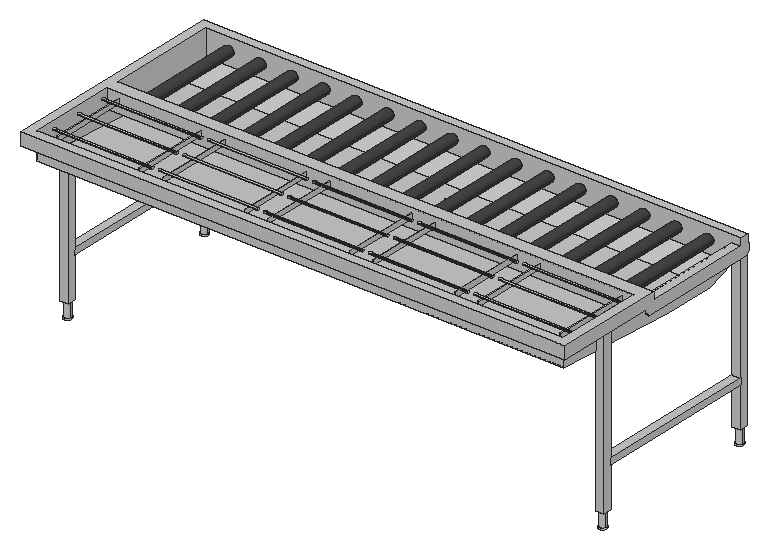
Revit family "QF_ELECTROLUXPROFESSIONAL_865206_HSMSS5LR", category Specialty Equipment, Revit 2018
Family settings
  Round Connector Dimension = Use Diameter
  Part Type = Normal
  Work Plane-Based = No
  Always vertical = Yes
  Cut with Voids When Loaded = No
  Shared = No
  Room Calculation Point = No
Parameters
  Weight = 0.00 kg
  Watts = 0 W
  Volts = 0 V
  URL Manufacturer = ""
  Steam Supply Size = 0 mm
  Steam Supply Minimum Pressure = 0.0 Pa
  Steam Supply Maximum Pressure = 0.0 Pa
  Steam Pounds per Hour = 0
  Refrigeration Suction Line Size = 0 mm
  Refrigeration Liquid Line Size = 0 mm
  Refrigerant Compressor Remote = yes
  Phase = 0
  Length Actual = 0 mm
  Item Number = ""
  Hot Water Size = 0 mm
  Height Actual = 0 mm
  HP = ""
  Gas Size = 0 mm
  Gas KW = 0
  Gas Input Pressure = 0 W
  Depth Actual = 0 mm
  Cycle = 0 Hz
  Condensate Return Size = 0 mm
  Compressed Air Volume = 0.0 L/s
  Compressed Air Size = 0 mm
  Compressed Air Pressure = 0.0 Pa
  Cold Water Size = 0 mm
  Accessory = yes
Reference planes
  plane 1: z = 0
  plane 2 "RIGHT": x = 1320
  plane 3: z = 910
  plane 4: z = 0
  plane 5: z = 300
  plane 6 "BACK": y = 310
  plane 7 "FRONT": y = -800
  plane 8 "LEFT": x = -1320
  plane 9 "Center": y = 0
Forms (mm)
  Extrusion 1, solid, material "QF_Finishes_Stainless Steel"
    sketch origin (0, 0, 0) x (-1, 0, 0) y (0, -1, 0)
      loop
        line (1320, 800) -> (-1320, 800) -> (-1320, 265) -> (-1275, 265) -> (-1275, 755) -> (1275, 755) -> (1275, -265) -> (-1320, -265) -> (-1320, -310) -> (1320, -310) -> (1320, 800)
    from 850.091 to 910
  Extrusion 2, solid, material "QF_Finishes_Stainless Steel"
    sketch origin (0, 0, 0) x (0, 1, 0) y (0, 0, -1)
      loop
        line (-756.248, -850.091) -> (-755, -850.091) -> (-755, -784.848) -> (-131.111, -741.138) -> (130.374, -741.138) -> (265, -784.879) -> (265, -850.091) -> (266.249, -850.091) -> (266.249, -782.13) -> (130.849, -738.138) -> (-131.216, -738.138) -> (-756.248, -781.928) -> (-756.248, -850.091)
    from -1275 to 1275
  Revolve 3, solid, material "QF_Finishes_Stainless Steel"
    sketch origin (-0.025, 0.526, -123.199) x (-1, 0, 0) y (0, 0, -1)
      loop
        line (76.494, -861.337) -> (76.494, -847.59)
        arc (76.494, -847.59) -> (75.89, -845.987) -> (74.39, -845.16) r 2.474
        arc (74.39, -845.16) -> (71.083, -841.301) -> (74.377, -837.43) r 3.913
        arc (74.377, -837.43) -> (75.887, -836.598) -> (76.494, -834.985) r 2.49
        line (76.494, -834.985) -> (76.494, -794.661)
        arc (76.494, -794.661) -> (65.844, -763.962) -> (38.457, -746.476) r 49.516
        line (38.457, -746.476) -> (38.457, -743.987) -> (37.25, -742.336) -> (37.25, -740.749) -> (23.47, -734.749) -> (23.47, -698.838) -> (21.946, -697.377) -> (0, -697.377) -> (0, -861.337) -> (76.494, -861.337)
      axis (0, -861.337) -> (0, -697.377)
    angle from 0 to 360
  Extrusion 4, solid, material "QF_Finishes_Stainless Steel"
    sketch origin (0, 0, 0) x (-1, 0, 0) y (0, -1, 0)
      loop
        line (-1275, 330.124) -> (-1275, 265) -> (1275, 265) -> (1275, 330.124) -> (-1275, 330.124)
    from 820 to 910
  Extrusion 5, solid, material "QF_Finishes_Stainless Steel"
    sketch origin (6.015, 0, -602.691) x (-1, 0, 0) y (0, -1, 0)
      loop
        line (1283.015, -266.249) -> (1323.015, -266.249) -> (1323.015, 521.738) -> (1283.015, 521.738) -> (1283.015, -266.249)
    from 872.691 to 902.691
  Extrusion 6, solid, material "QF_Finishes_Stainless Steel"
    sketch origin (-1277, 0, 0) x (0, 1, 0) y (0, 0, -1)
      loop
        line (-756.248, -781.928) -> (-756.248, -850.091) -> (266.249, -850.091) -> (266.249, -782.13) -> (130.849, -738.138) -> (-131.216, -738.138) -> (-756.248, -781.928)
    from 0 to -2
  Extrusion 7, solid, material "QF_Finishes_Stainless Steel"
    sketch origin (1277, 0, 0) x (0, 1, 0) y (0, 0, 1)
      loop
        line (-756.248, 850.091) -> (-756.248, 781.928) -> (-131.216, 738.138) -> (130.849, 738.138) -> (266.249, 782.13) -> (266.249, 850.091) -> (265, 850.091) -> (265, 875) -> (-265, 875) -> (-265, 850.091) -> (-756.248, 850.091)
    from 0 to -2
  Extrusion 8, solid, material "QF_Finishes_Stainless Steel"
    sketch origin (-6, 0.054, -598.981) x (1, 0, 0) y (0, 1, 0)
      loop
        line (1283, 266.195) -> (1283, -521.792) -> (1323, -521.792) -> (1323, 266.195) -> (1283, 266.195)
    from 869.081 to 898.981
  Extrusion 9, solid, material "QF_Finishes_Black"
    sketch origin (0, -2.5, 0) x (-1, 0, 0) y (0, 0, 1)
      loop
        circle (1162.5, 850.047) r 25
      loop
        circle (1007.5, 850.047) r 25
      loop
        circle (852.5, 850.047) r 25
      loop
        circle (697.5, 850.047) r 25
      loop
        circle (542.5, 850.047) r 25
      loop
        circle (387.5, 850.047) r 25
      loop
        circle (232.5, 850.047) r 25
      loop
        circle (77.5, 850.047) r 25
      loop
        circle (-77.5, 850.047) r 25
      loop
        circle (-232.5, 850.047) r 25
      loop
        circle (-387.5, 850.047) r 25
      loop
        circle (-542.5, 850.047) r 25
      loop
        circle (-697.5, 850.047) r 25
      loop
        circle (-852.5, 850.047) r 25
      loop
        circle (-1007.5, 850.047) r 25
      loop
        circle (-1162.5, 850.047) r 25
    from -262.5 to 267.5
  Extrusion 10, solid, material "QF_Finishes_Stainless Steel"
    sketch origin (0, -7.263, 2.863) x (-1, 0, 0) y (0, -1, 0)
      loop
        line (-1220.049, 694.438) -> (-1220.049, 322.861) -> (-1217.001, 322.861) -> (-1217.001, 694.438) -> (-1220.049, 694.438)
      loop
        line (-823.039, 694.438) -> (-823.039, 322.861) -> (-819.991, 322.861) -> (-819.991, 694.438) -> (-823.039, 694.438)
      loop
        line (-200.029, 694.438) -> (-200.029, 322.861) -> (-196.981, 322.861) -> (-196.981, 694.438) -> (-200.029, 694.438)
      loop
        line (196.981, 694.438) -> (196.981, 322.861) -> (200.029, 322.861) -> (200.029, 694.438) -> (196.981, 694.438)
      loop
        line (-710.007, 694.438) -> (-710.007, 322.861) -> (-707.023, 322.861) -> (-707.023, 694.438) -> (-710.007, 694.438)
      loop
        line (-312.998, 694.438) -> (-312.998, 322.861) -> (-310.013, 322.861) -> (-310.013, 694.438) -> (-312.998, 694.438)
      loop
        line (1220.049, 694.438) -> (1217.001, 694.438) -> (1217.001, 322.861) -> (1220.049, 322.861) -> (1220.049, 694.438)
      loop
        line (823.039, 694.438) -> (819.991, 694.438) -> (819.991, 322.861) -> (823.039, 322.861) -> (823.039, 694.438)
      loop
        line (710.007, 694.438) -> (707.023, 694.438) -> (707.023, 322.861) -> (710.007, 322.861) -> (710.007, 694.438)
      loop
        line (312.997, 694.438) -> (310.013, 694.438) -> (310.013, 322.861) -> (312.997, 322.861) -> (312.997, 694.438)
    from 860 to 881.896
  Extrusion 11, solid, material "QF_Finishes_Stainless Steel"
    sketch origin (-2327.512, 265, 0) x (0, 1, 0) y (0, 0, 1)
      loop
        circle (-937.158, 888.745) r 3.985
      loop
        circle (-788.819, 888.745) r 3.985
      loop
        circle (-640.48, 888.745) r 3.985
    from 1067.5 to 1547.5
  Extrusion 12, solid, material "QF_Finishes_Stainless Steel"
    sketch origin (-1817.533, 265, 0) x (0, 1, 0) y (0, 0, 1)
      loop
        circle (-937.158, 888.745) r 3.985
      loop
        circle (-788.819, 888.745) r 3.985
      loop
        circle (-640.48, 888.745) r 3.985
    from 1067.5 to 1547.5
  Extrusion 13, solid, material "QF_Finishes_Stainless Steel"
    sketch origin (-1307.491, 265, 0) x (0, 1, 0) y (0, 0, 1)
      loop
        circle (-937.158, 888.745) r 3.985
      loop
        circle (-788.819, 888.745) r 3.985
      loop
        circle (-640.48, 888.745) r 3.985
    from 1067.5 to 1547.5
  Extrusion 14, solid, material "QF_Finishes_Stainless Steel"
    sketch origin (-797.513, 265, 0) x (0, 1, 0) y (0, 0, 1)
      loop
        circle (-937.158, 888.745) r 3.985
      loop
        circle (-788.819, 888.745) r 3.985
      loop
        circle (-640.48, 888.745) r 3.985
    from 1067.5 to 1547.5
  Extrusion 15, solid, material "QF_Finishes_Stainless Steel"
    sketch origin (-287.471, 265, 0) x (0, 1, 0) y (0, 0, 1)
      loop
        circle (-937.158, 888.745) r 3.985
      loop
        circle (-788.819, 888.745) r 3.985
      loop
        circle (-640.48, 888.745) r 3.985
    from 1067.5 to 1547.5
  Extrusion 16, solid, material "QF_Finishes_Stainless Steel"
    sketch origin (1767.022, 52.5, 0) x (0, 1, 0) y (0, 0, 1)
      loop
        line (-362.5, 835) -> (-347.5, 820) -> (242.5, 820) -> (257.5, 835) -> (257.5, 850.091) -> (212.5, 850.091) -> (212.5, 875) -> (-317.5, 875) -> (-317.5, 850.091) -> (-362.5, 850.091) -> (-362.5, 835)
    from -450 to -447.022
  Extrusion 17, solid, material "QF_Finishes_Stainless Steel"
    sketch origin (-1280, 265, 0) x (1, 0, 0) y (0, 0, 1)
      loop
        line (2597.022, 875) -> (2557, 875) -> (2557, 872) -> (2597.022, 872) -> (2597.022, 875)
    from 0 to 530
Cuts and joins
  joined: Extrusion 1, Extrusion 2, Revolve 3, Extrusion 4, Extrusion 6, Extrusion 7, Extrusion 10, Extrusion 11, Extrusion 12, Extrusion 13, Extrusion 14, Extrusion 15, Extrusion 16, Extrusion 17
Lines and regions (mm)
  Split face 1
    outline origin (0, -123.728, 741.138) x (0, 1, 0) y (-1, 0, 0)
      loop
        circle (123.685, -0.035) r 73.783
  Split face 2
    outline origin (0, -123.728, 741.138) x (0, 1, 0) y (-1, 0, 0)
      loop
        circle (123.685, -0.035) r 66.01
  Split face 3
    outline origin (0, -123.728, 741.138) x (0, 1, 0) y (-1, 0, 0)
      loop
        circle (123.685, -0.035) r 53.774
  Split face 4
    outline origin (0, -123.728, 741.138) x (0, 1, 0) y (-1, 0, 0)
      loop
        circle (123.685, -0.035) r 50.771
  Split face 5
    outline origin (0, -123.728, 741.138) x (0, 1, 0) y (-1, 0, 0)
      loop
        circle (123.685, -0.035) r 33.793
  Split face 6
    outline origin (0, -123.728, 741.138) x (0, 1, 0) y (-1, 0, 0)
      loop
        circle (123.685, -0.035) r 30.826
  Split face 7
    outline origin (0, -123.728, 741.138) x (0, 1, 0) y (-1, 0, 0)
      loop
        circle (123.685, -0.035) r 13.843
  Split face 8
    outline origin (0, -123.728, 741.138) x (0, 1, 0) y (-1, 0, 0)
      loop
        circle (123.685, -0.035) r 10.833
  symbolic lines
    curve 1: line (-1320, 310, 0) -> (1320, 310, 0)
    curve 2: line (-1320, -800, 0) -> (-1320, 310, 0)
    curve 3: line (1320, -800, 0) -> (-1320, -800, 0)
    curve 4: line (1320, 310, 0) -> (1320, -800, 0)
    curve 5: line (-1275, 265, 0) -> (1320, 265, 0)
    curve 6: line (-1275, -755, 0) -> (-1275, 265, 0)
    curve 7: line (1275, -755, 0) -> (-1275, -755, 0)
    curve 8: line (1275, -265, 0) -> (1275, -755, 0)
    curve 9: line (-1275, -265, 0) -> (1320, -265, 0)
    curve 10: line (1275, -330.124, 0) -> (-1275, -330.124, 0)
    curve 11: line (-1260.012, -371.495, 0) -> (-1260.012, -379.465, 0)
    curve 12: line (-1260.012, -379.465, 0) -> (-780.012, -379.465, 0)
    curve 13: line (-780.012, -379.465, 0) -> (-780.012, -371.495, 0)
    curve 14: line (-780.012, -371.495, 0) -> (-1260.012, -371.495, 0)
    curve 15: line (-1260.012, -519.834, 0) -> (-1260.012, -527.804, 0)
    curve 16: line (-1260.012, -527.804, 0) -> (-780.012, -527.804, 0)
    curve 17: line (-780.012, -527.804, 0) -> (-780.012, -519.834, 0)
    curve 18: line (-780.012, -519.834, 0) -> (-1260.012, -519.834, 0)
    curve 19: line (-1260.012, -668.173, 0) -> (-1260.012, -676.143, 0)
    curve 20: line (-1260.012, -676.143, 0) -> (-780.012, -676.143, 0)
    curve 21: line (-780.012, -676.143, 0) -> (-780.012, -668.173, 0)
    curve 22: line (-780.012, -668.173, 0) -> (-1260.012, -668.173, 0)
    curve 23: line (-1220.049, -330.124, 0) -> (-1220.049, -371.495, 0)
    curve 24: line (-1217.001, -330.124, 0) -> (-1217.001, -371.495, 0)
    curve 25: line (-1220.049, -379.465, 0) -> (-1220.049, -519.834, 0)
    curve 26: line (-1220.049, -701.7, 0) -> (-1220.049, -676.143, 0)
    curve 27: line (-1220.049, -701.7, 0) -> (-1217.001, -701.7, 0)
    curve 28: line (-1217.001, -701.7, 0) -> (-1217.001, -676.143, 0)
    curve 29: line (-1220.049, -668.173, 0) -> (-1220.049, -527.804, 0)
    curve 30: line (-1217.001, -527.804, 0) -> (-1217.001, -668.173, 0)
    curve 31: line (-1217.001, -519.834, 0) -> (-1217.001, -379.465, 0)
    curve 32: line (-823.039, -330.124, 0) -> (-823.039, -371.495, 0)
    curve 33: line (-819.992, -330.124, 0) -> (-819.992, -371.495, 0)
    curve 34: line (-823.039, -379.465, 0) -> (-823.039, -519.834, 0)
    curve 35: line (-823.039, -701.7, 0) -> (-823.039, -676.143, 0)
    curve 36: line (-823.039, -701.7, 0) -> (-819.992, -701.7, 0)
    curve 37: line (-819.992, -701.7, 0) -> (-819.992, -676.143, 0)
    curve 38: line (-823.039, -668.173, 0) -> (-823.039, -527.804, 0)
    curve 39: line (-819.992, -527.804, 0) -> (-819.992, -668.173, 0)
    curve 40: line (-819.992, -519.834, 0) -> (-819.992, -379.465, 0)
    curve 41: line (-750.033, -371.495, 0) -> (-750.033, -379.465, 0)
    curve 42: line (-750.033, -379.465, 0) -> (-270.033, -379.465, 0)
    curve 43: line (-270.033, -379.465, 0) -> (-270.033, -371.495, 0)
    curve 44: line (-270.033, -371.495, 0) -> (-750.033, -371.495, 0)
    curve 45: line (-750.033, -519.834, 0) -> (-750.033, -527.804, 0)
    curve 46: line (-750.033, -527.804, 0) -> (-270.033, -527.804, 0)
    curve 47: line (-270.033, -527.804, 0) -> (-270.033, -519.834, 0)
    curve 48: line (-270.033, -519.834, 0) -> (-750.033, -519.834, 0)
    curve 49: line (-750.033, -668.173, 0) -> (-750.033, -676.143, 0)
    curve 50: line (-750.033, -676.143, 0) -> (-270.033, -676.143, 0)
    curve 51: line (-270.033, -676.143, 0) -> (-270.033, -668.173, 0)
    curve 52: line (-270.033, -668.173, 0) -> (-750.033, -668.173, 0)
    curve 53: line (-710.071, -330.124, 0) -> (-710.071, -371.495, 0)
    curve 54: line (-707.023, -330.124, 0) -> (-707.023, -371.495, 0)
    curve 55: line (-710.071, -379.465, 0) -> (-710.071, -519.834, 0)
    curve 56: line (-710.071, -701.7, 0) -> (-710.071, -676.143, 0)
    curve 57: line (-710.071, -701.7, 0) -> (-707.023, -701.7, 0)
    curve 58: line (-707.023, -701.7, 0) -> (-707.023, -676.143, 0)
    curve 59: line (-710.071, -668.173, 0) -> (-710.071, -527.804, 0)
    curve 60: line (-707.023, -527.804, 0) -> (-707.023, -668.173, 0)
    curve 61: line (-707.023, -519.834, 0) -> (-707.023, -379.465, 0)
    curve 62: line (-313.061, -330.124, 0) -> (-313.061, -371.495, 0)
    curve 63: line (-310.013, -330.124, 0) -> (-310.013, -371.495, 0)
    curve 64: line (-313.061, -379.465, 0) -> (-313.061, -519.834, 0)
    curve 65: line (-313.061, -701.7, 0) -> (-313.061, -676.143, 0)
    curve 66: line (-313.061, -701.7, 0) -> (-310.013, -701.7, 0)
    curve 67: line (-310.013, -701.7, 0) -> (-310.013, -676.143, 0)
    curve 68: line (-313.061, -668.173, 0) -> (-313.061, -527.804, 0)
    curve 69: line (-310.013, -527.804, 0) -> (-310.013, -668.173, 0)
    curve 70: line (-310.013, -519.834, 0) -> (-310.013, -379.465, 0)
    curve 71: line (-239.991, -371.495, 0) -> (-239.991, -379.465, 0)
    curve 72: line (-239.991, -379.465, 0) -> (240.009, -379.465, 0)
    curve 73: line (240.009, -379.465, 0) -> (240.009, -371.495, 0)
    curve 74: line (240.009, -371.495, 0) -> (-239.991, -371.495, 0)
    curve 75: line (-239.991, -519.834, 0) -> (-239.991, -527.804, 0)
    curve 76: line (-239.991, -527.804, 0) -> (240.009, -527.804, 0)
    curve 77: line (240.009, -527.804, 0) -> (240.009, -519.834, 0)
    curve 78: line (240.009, -519.834, 0) -> (-239.991, -519.834, 0)
    curve 79: line (-239.991, -668.173, 0) -> (-239.991, -676.143, 0)
    curve 80: line (-239.991, -676.143, 0) -> (240.009, -676.143, 0)
    curve 81: line (240.009, -676.143, 0) -> (240.009, -668.173, 0)
    curve 82: line (240.009, -668.173, 0) -> (-239.991, -668.173, 0)
    curve 83: line (-200.029, -330.124, 0) -> (-200.029, -371.495, 0)
    curve 84: line (-196.981, -330.124, 0) -> (-196.981, -371.495, 0)
    curve 85: line (-200.029, -379.465, 0) -> (-200.029, -519.834, 0)
    curve 86: line (-200.029, -701.7, 0) -> (-200.029, -676.143, 0)
    curve 87: line (-200.029, -701.7, 0) -> (-196.981, -701.7, 0)
    curve 88: line (-196.981, -701.7, 0) -> (-196.981, -676.143, 0)
    curve 89: line (-200.029, -668.173, 0) -> (-200.029, -527.804, 0)
    curve 90: line (-196.981, -527.804, 0) -> (-196.981, -668.173, 0)
    curve 91: line (-196.981, -519.834, 0) -> (-196.981, -379.465, 0)
    curve 92: line (196.981, -330.124, 0) -> (196.981, -371.495, 0)
    curve 93: line (200.029, -330.124, 0) -> (200.029, -371.495, 0)
    curve 94: line (196.981, -379.465, 0) -> (196.981, -519.834, 0)
    curve 95: line (196.981, -701.7, 0) -> (196.981, -676.143, 0)
    curve 96: line (196.981, -701.7, 0) -> (200.029, -701.7, 0)
    curve 97: line (200.029, -701.7, 0) -> (200.029, -676.143, 0)
    curve 98: line (196.981, -668.173, 0) -> (196.981, -527.804, 0)
    curve 99: line (200.029, -527.804, 0) -> (200.029, -668.173, 0)
    curve 100: line (200.029, -519.834, 0) -> (200.029, -379.465, 0)
    curve 101: line (269.987, -371.495, 0) -> (269.987, -379.465, 0)
    curve 102: line (269.987, -379.465, 0) -> (749.987, -379.465, 0)
    curve 103: line (749.987, -379.465, 0) -> (749.987, -371.495, 0)
    curve 104: line (749.987, -371.495, 0) -> (269.987, -371.495, 0)
    curve 105: line (269.987, -519.834, 0) -> (269.987, -527.804, 0)
    curve 106: line (269.987, -527.804, 0) -> (749.987, -527.804, 0)
    curve 107: line (749.987, -527.804, 0) -> (749.987, -519.834, 0)
    curve 108: line (749.987, -519.834, 0) -> (269.987, -519.834, 0)
    curve 109: line (269.987, -668.173, 0) -> (269.987, -676.143, 0)
    curve 110: line (269.987, -676.143, 0) -> (749.987, -676.143, 0)
    curve 111: line (749.987, -676.143, 0) -> (749.987, -668.173, 0)
    curve 112: line (749.987, -668.173, 0) -> (269.987, -668.173, 0)
    curve 113: line (309.95, -330.124, 0) -> (309.95, -371.495, 0)
    curve 114: line (312.998, -330.124, 0) -> (312.998, -371.495, 0)
    curve 115: line (309.95, -379.465, 0) -> (309.95, -519.834, 0)
    curve 116: line (309.95, -701.7, 0) -> (309.95, -676.143, 0)
    curve 117: line (309.95, -701.7, 0) -> (312.998, -701.7, 0)
    curve 118: line (312.998, -701.7, 0) -> (312.998, -676.143, 0)
    curve 119: line (309.95, -668.173, 0) -> (309.95, -527.804, 0)
    curve 120: line (312.998, -527.804, 0) -> (312.998, -668.173, 0)
    curve 121: line (312.998, -519.834, 0) -> (312.998, -379.465, 0)
    curve 122: line (706.959, -330.124, 0) -> (706.959, -371.495, 0)
    curve 123: line (710.007, -330.124, 0) -> (710.007, -371.495, 0)
    curve 124: line (706.959, -379.465, 0) -> (706.959, -519.834, 0)
    curve 125: line (706.959, -701.7, 0) -> (706.959, -676.143, 0)
    curve 126: line (706.959, -701.7, 0) -> (710.007, -701.7, 0)
    curve 127: line (710.007, -701.7, 0) -> (710.007, -676.143, 0)
    curve 128: line (706.959, -668.173, 0) -> (706.959, -527.804, 0)
    curve 129: line (710.007, -527.804, 0) -> (710.007, -668.173, 0)
    curve 130: line (710.007, -519.834, 0) -> (710.007, -379.465, 0)
    curve 131: line (780.029, -371.495, 0) -> (780.029, -379.465, 0)
    curve 132: line (780.029, -379.465, 0) -> (1260.029, -379.465, 0)
    curve 133: line (1260.029, -379.465, 0) -> (1260.029, -371.495, 0)
    curve 134: line (1260.029, -371.495, 0) -> (780.029, -371.495, 0)
    curve 135: line (780.029, -519.834, 0) -> (780.029, -527.804, 0)
    curve 136: line (780.029, -527.804, 0) -> (1260.029, -527.804, 0)
    curve 137: line (1260.029, -527.804, 0) -> (1260.029, -519.834, 0)
    curve 138: line (1260.029, -519.834, 0) -> (780.029, -519.834, 0)
    curve 139: line (780.029, -668.173, 0) -> (780.029, -676.143, 0)
    curve 140: line (780.029, -676.143, 0) -> (1260.029, -676.143, 0)
    curve 141: line (1260.029, -676.143, 0) -> (1260.029, -668.173, 0)
    curve 142: line (1260.029, -668.173, 0) -> (780.029, -668.173, 0)
    curve 143: line (819.991, -330.124, 0) -> (819.991, -371.495, 0)
    curve 144: line (823.039, -330.124, 0) -> (823.039, -371.495, 0)
    curve 145: line (819.991, -379.465, 0) -> (819.991, -519.834, 0)
    curve 146: line (819.991, -701.7, 0) -> (819.991, -676.143, 0)
    curve 147: line (819.991, -701.7, 0) -> (823.039, -701.7, 0)
    curve 148: line (823.039, -701.7, 0) -> (823.039, -676.143, 0)
    curve 149: line (819.991, -668.173, 0) -> (819.991, -527.804, 0)
    curve 150: line (823.039, -527.804, 0) -> (823.039, -668.173, 0)
    curve 151: line (823.039, -519.834, 0) -> (823.039, -379.465, 0)
    curve 152: line (1217.001, -330.124, 0) -> (1217.001, -371.495, 0)
    curve 153: line (1220.049, -330.124, 0) -> (1220.049, -371.495, 0)
    curve 154: line (1217.001, -379.465, 0) -> (1217.001, -519.834, 0)
    curve 155: line (1217.001, -701.7, 0) -> (1217.001, -676.143, 0)
    curve 156: line (1217.001, -701.7, 0) -> (1220.049, -701.7, 0)
    curve 157: line (1220.049, -701.7, 0) -> (1220.049, -676.143, 0)
    curve 158: line (1217.001, -668.173, 0) -> (1217.001, -527.804, 0)
    curve 159: line (1220.049, -527.804, 0) -> (1220.049, -668.173, 0)
    curve 160: line (1220.049, -519.834, 0) -> (1220.049, -379.465, 0)
    curve 161: line (-1187.5, 265, 0) -> (-1187.5, -265, 0)
    curve 162: line (-1137.5, -265, 0) -> (-1137.5, 265, 0)
    curve 163: line (-1032.5, 265, 0) -> (-1032.5, -265, 0)
    curve 164: line (-982.5, -265, 0) -> (-982.5, 265, 0)
    curve 165: line (-877.5, 265, 0) -> (-877.5, -265, 0)
    curve 166: line (-827.5, -265, 0) -> (-827.5, 265, 0)
    curve 167: line (-722.5, 265, 0) -> (-722.5, -265, 0)
    curve 168: line (-672.5, -265, 0) -> (-672.5, 265, 0)
    curve 169: line (-567.5, 265, 0) -> (-567.5, -265, 0)
    curve 170: line (-517.5, -265, 0) -> (-517.5, 265, 0)
    curve 171: line (-412.5, 265, 0) -> (-412.5, -265, 0)
    curve 172: line (-362.5, -265, 0) -> (-362.5, 265, 0)
    curve 173: line (-257.5, 265, 0) -> (-257.5, -265, 0)
    curve 174: line (-207.5, -265, 0) -> (-207.5, 265, 0)
    curve 175: line (-102.5, 265, 0) -> (-102.5, -265, 0)
    curve 176: line (-52.5, -265, 0) -> (-52.5, 265, 0)
    curve 177: line (52.5, 265, 0) -> (52.5, -265, 0)
    curve 178: line (102.5, -265, 0) -> (102.5, 265, 0)
    curve 179: line (207.5, 265, 0) -> (207.5, -265, 0)
    curve 180: line (257.5, -265, 0) -> (257.5, 265, 0)
    curve 181: line (362.5, 265, 0) -> (362.5, -265, 0)
    curve 182: line (412.5, -265, 0) -> (412.5, 265, 0)
    curve 183: line (517.5, 265, 0) -> (517.5, -265, 0)
    curve 184: line (567.5, -265, 0) -> (567.5, 265, 0)
    curve 185: line (672.5, 265, 0) -> (672.5, -265, 0)
    curve 186: line (722.5, -265, 0) -> (722.5, 265, 0)
    curve 187: line (827.5, 265, 0) -> (827.5, -265, 0)
    curve 188: line (877.5, -265, 0) -> (877.5, 265, 0)
    curve 189: line (982.5, 265, 0) -> (982.5, -265, 0)
    curve 190: line (1032.5, -265, 0) -> (1032.5, 265, 0)
    curve 191: line (1137.5, 265, 0) -> (1137.5, -265, 0)
    curve 192: line (1187.5, -265, 0) -> (1187.5, 265, 0)
    curve 193: line (1275, 265, 0) -> (1275, -265, 0)
    curve 194: line (1320, 0, 0) -> (1290, 0, 0)
    curve 195: arc (76.471, 0.526, 0) -> (-0.025, -75.97, 0) -> (-76.521, 0.526, 0) r 76.496
    curve 196: arc (-76.521, 0.526, 0) -> (-0.025, 77.021, 0) -> (76.471, 0.526, 0) r 76.496
    curve 197: arc (21.921, 0.526, 0) -> (-0.025, 22.472, 0) -> (-21.971, 0.526, 0) r 21.946
    curve 198: arc (-21.971, 0.526, 0) -> (-0.025, -21.421, 0) -> (21.921, 0.526, 0) r 21.946
Dimensions and locks
  plane 3 to level = 910 mm
  plane 8 "LEFT" to plane 2 "RIGHT" = 2640 mm
  aligned and locked: level to plane 1
Nested families
  nested 1: "Foot_40x40" at (-1297, -541.738, 0), type "Foot_40x40"
    with A 850.091 mm
  nested 2: "Foot_40x40" at (-1297, 286.249, 0), type "Foot_40x40"
    with A 850.091 mm
  nested 3: "Foot_40x40" at (1297, 286.249, 0), type "Foot_40x40"
    with A 850.091 mm
  nested 4: "Foot_40x40" at (1297, -541.738, 0), type "Foot_40x40"
    with A 850.091 mm
Connectors
  piping at (-0.025, 0.526, 574.178), diameter 30
    settings: on cut or joined group of Extrusion 1, Extrusion 2, Revolve 3, Extrusion 4, Extrusion 6, Extrusion 7, Extrusion 10, Extrusion 11, Extrusion 12, Extrusion 13, Extrusion 14, Extrusion 15, Extrusion 16, Extrusion 17, index 1, connector inside diameter 609.6 mm, connector length 0 mm, flow factor 0, pipe flow 0.0 L/s, pressure drop 0.0 Pa, fitting loss kfactor 0, connector angle 0.00°, fixture units 0, engagement length 0 mm, angle of deflection 0.00°, flow configuration 1, flow direction 2, fitting loss method 0, system type 16, joint type 0, gender type 0, connector reference index -1, connector utility 0, adjustable connector no, is connector primary yes, connector description "Drain"
Definition of nested family "Foot_40x40"
  Parameters
    A [instance] = 850 mm
  Reference planes
    plane 1 "Centro (Fronte/Retro)": y = 0
    plane 2: z = 0
    plane 3 "Centro (Sinistra/Destra)": x = 0
    plane 4: z = 850
  Forms (mm)
    Extrusion 1, solid
      sketch origin (0, 0, 0) x (1, 0, 0) y (0, 1, 0)
        loop
          circle (0, 0) r 18
      from 0 to 5
    Extrusion 2, solid
      sketch origin (0, 0, 5) x (1, 0, 0) y (0, 1, 0)
        loop
          circle (0, 0) r 15
      from 0 to 70
    Extrusion 3, solid
      sketch origin (0, 0, 75) x (1, 0, 0) y (0, 1, 0)
        loop
          line (-20, 20) -> (-20, -20) -> (20, -20) -> (20, 20) -> (-20, 20)
      from 0 to 775
  Dimensions and locks
    "A": plane 4 to plane 2
    aligned and locked: level to plane 2
    aligned and locked: plane 4 to Extrusion 3
    aligned and locked: Extrusion 1 to level
  Automatic sketch dimensions
    plane 1 "Centro (Fronte/Retro)" to Extrusion 1 sketch curve = 0 mm
    Extrusion 1 sketch curve to plane 3 "Centro (Sinistra/Destra)" = 0 mm
    Extrusion 3 sketch curve to Extrusion 3 sketch curve = 40 mm  (x2)
    radius of Extrusion 1 sketch curve = 18 mm
    radius of Extrusion 2 sketch curve to Extrusion 1 = 3 mm
